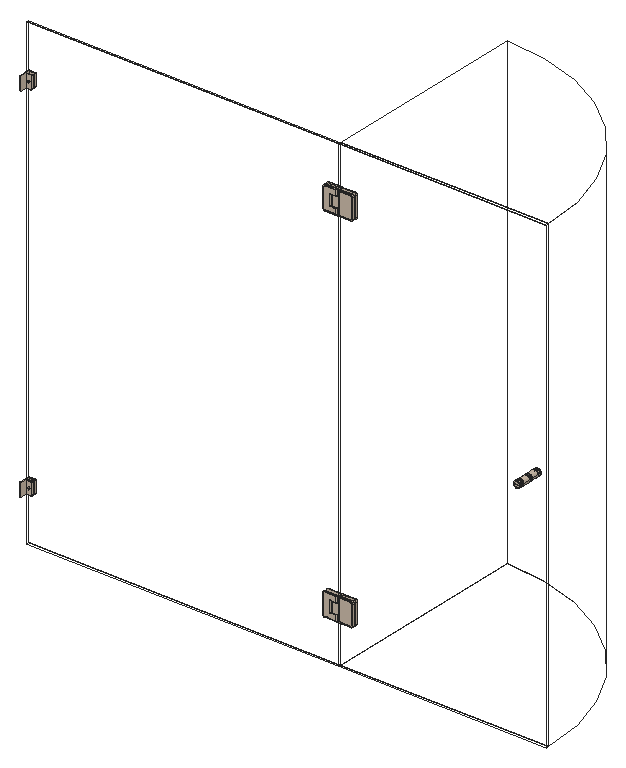
Revit family "Hardware_Glass_Nero", category Specialty Equipment, Revit 2020
Family settings
  Round Connector Dimension = Use Diameter
  Part Type = Normal
  OmniClass Number = 23.31.25.00
  OmniClass Title = Toilet and Bath Specialties
  Work Plane-Based = No
  Always vertical = Yes
  Cut with Voids When Loaded = Yes
  Shared = No
  Room Calculation Point = No
Parameters (values of type "Please Load From Type Catalog")
  Uniclass2015Version = "Products v1.28"  # constant formula
  Uniclass2015Title = "Hinges and hanging hardware"  # constant formula
  Uniclass2015Code = "Pr_30_36_36"  # constant formula
  URL = "Please Load From Type Catalog"
  Type Comments = "Please Load From Type Catalog"
  SquareShowerKnob = no
  RoundShowerKnob = yes
  RequiredSpace [instance] = yes
  PerpendicularWallThickness = 115 mm
  PerpendicularWallLeft = if(and(GlassTopHingeF, GlassToWallHingeU), [90DegWallToGlassHinge], or([90DegWallHinge], [90DegWallToGlassHinge], GlassToWallHingeU, GlassToWallHingeF))  # yes
  PerpendicularGlassLeft = not(PerpendicularWallLeft)  # no
  ModifiedIssue = 20231106
  Model = "Please Load From Type Catalog"
  GrabRail = not(or(RoundShowerKnob, SquareShowerKnob))  # no
  GlassTopHingeF = no
  GlassToWallHingeU = no
  GlassToWallHingeF = yes
  GlassPanel = not([90DegWallToGlassHinge])  # yes
  GapBetweenWallandGlass = if((or(GlassTopHingeF, GlassToWallHingeU, [90DegWallToGlassHinge], GlassToWallHingeF)), 3 mm, 0 mm)  # 3 mm
  Default Elevation = 0 mm
  BodyMaterial = Metal_Bronze_Nero_Brushed
  ManufacturerURLProductSpecific = "http://pleaseloadfromtypecatalog.com"
  ManufacturerSpecCode = Model  # "Please Load From Type Catalog"
  ManufacturerOverallWidth [instance] = if([90DegWallToGlassHinge], 0 mm, 1200 mm)  # 1200 mm
  ManufacturerOverallHeight [instance] = 1800 mm
  ManufacturerOverallDepth [instance] = 10 mm  # constant formula
  ManufacturerHeightFromFFL [instance] = 0 mm
  Manufacturer = "Nero"  # constant formula
  IfcExportType = "NOTDEFINED"  # constant formula
  IfcExportAs = "IfcFurniture"  # constant formula
  Description = "Please Load From Type Catalog"
  CreatedByURL = "https://igsgroup.com.au"
  CreatedBy = "IGS BIM Solutions"  # constant formula
  Assembly Code = "C1030210"
  90DegWallToGlassHinge = no
  90DegWallHinge = no
  180DegWallToGlassHinge = or([90DegWallHinge], GlassToWallHingeU, GlassTopHingeF, GlassToWallHingeF)  # yes
Reference planes
  plane 1 "Ref. Level": z = 0
  plane 2 "Center (Left/Right)": x = 0
  plane 3 "Left": x = -600
  plane 4 "DoorLeft": x = 600
  plane 5 "Back": y = 173.75
  plane 6 "Front": y = 163.75
  plane 7 "Bottom": z = 0
  plane 8 "Top": z = 1800
  plane 9 "Center (Front/Back)": y = 168.75
  plane 10 "DoorRight": x = 1400
  plane 11 "GlassLeft": x = -718
  plane 12 "Wall/GlassRight": x = -603
  plane 13 "WallLeft": x = -718
  plane 14 "BottomHingeCenter": z = 200
  plane 15 "TopHingeCenter": z = 1600
  plane 16 "KnobCenter": z = 900
  plane 17 "DoorCenter": x = 1000
Forms (mm)
  Extrusion 1, solid, material "Glass_Clear_Nero"
    sketch origin (1200, 163.75, 0) x (1, 0, 0) y (0, 0, -1)
      loop
        line (-600, -1800) -> (200, -1800) -> (200, 0) -> (-600, 0) -> (-600, -1800)
    from 0 to 10
  Extrusion 2, solid, material "Glass_Clear_Nero", visible <- "PerpendicularGlassLeft"
    sketch origin (0, 0, 1800) x (0, -1, 0) y (1, 0, 0)
      loop
        line (-173.75, -718) -> (-76.393, -718) -> (-76.393, -603) -> (-173.75, -603) -> (-173.75, -718)
    from -1800 to 0
  Extrusion 3, solid, material "Glass_Clear_Nero", visible <- "GlassPanel"
    sketch origin (0, 163.75, 0) x (1, 0, 0) y (0, 0, -1)
      loop
        line (-600, -1800) -> (600, -1800) -> (600, 0) -> (-600, 0) -> (-600, -1800)
    from 0 to 10
  Extrusion 4, solid, material "RequiredSpace", visible <- "RequiredSpace"
    sketch origin (0, 0, 0) x (0, -1, 0) y (1, 0, 0)
      loop
        line (-173.75, 600) -> (-173.75, 1400)
        arc (-173.75, 1400) -> (-739.435, 1165.685) -> (-973.75, 600) r 800
        line (-973.75, 600) -> (-173.75, 600)
    from 0 to 1800
Lines and regions (mm)
  Masking region 1, visible <- "PerpendicularWallLeft"
    outline origin (0, 0, 1800) x (0, -1, 0) y (1, 0, 0)
      loop
        line (-173.75, -718) -> (-76.393, -718) -> (-76.393, -603) -> (-173.75, -603) -> (-173.75, -718)
  Masking region 2, visible <- "PerpendicularGlassLeft"
    outline origin (0, 0, 1800) x (0, -1, 0) y (1, 0, 0)
      loop
        line (-173.75, -718) -> (-76.393, -718) -> (-76.393, -603) -> (-173.75, -603) -> (-173.75, -718)
  Masking region 3
    outline origin (0, 0, 1800) x (0, -1, 0) y (1, 0, 0)
      loop
        line (-173.75, 600) -> (-163.75, 600) -> (-163.75, 1400) -> (-173.75, 1400) -> (-173.75, 600)
  Masking region 4, visible <- "GlassPanel"
    outline origin (0, 0, 1800) x (0, -1, 0) y (1, 0, 0)
      loop
        line (-163.75, -600) -> (-163.75, 600) -> (-173.75, 600) -> (-173.75, -600) -> (-163.75, -600)
  symbolic lines, style "Required Space", visible <- "RequiredSpace", detail levels medium+fine
    curve 1: line (600, 173.75, 1800) -> (600, 973.75, 1800)
    curve 2: arc (1400, 173.75, 1800) -> (1165.685, 739.435, 1800) -> (600, 973.75, 1800) r 800
Text (mm)
  text "Disclaimer:\nDue to ongoing product development and manufacturing \nevolution, product details are subject to change without \nnotice. Please refer to product technical data sheets on \nthe manufacturers website for the most current product \ninformation. Please allow a +/- 5mm manufacturing \ntolerance for dimensions and set-outs shown in product \nliterature." at (1625.749, 300.092, 0), in view "Ref. Level"
Dimensions and locks
  equal spacing: plane 3 "Left", plane 2 "Center (Left/Right)", plane 4 "DoorLeft"
  "ManufacturerOverallWidth": plane 3 "Left" to plane 4 "DoorLeft"
  "ManufacturerOverallDepth": plane 5 "Back" to plane 6 "Front"
  "ManufacturerOverallHeight": plane 8 "Top" to plane 7 "Bottom"
  "ManufacturerHeightFromFFL": plane 7 "Bottom" to plane 1 "Ref. Level"
  equal spacing: plane 6 "Front", plane 9 "Center (Front/Back)", plane 5 "Back"
  plane 4 "DoorLeft" to plane 10 "DoorRight" = 800 mm
  "PerpendicularWallThickness": plane 11 "GlassLeft" to plane 12 "Wall/GlassRight"
  "GapBetweenWallandGlass": plane 12 "Wall/GlassRight" to plane 3 "Left"
  plane 13 "WallLeft" to plane 12 "Wall/GlassRight" = 115 mm
  plane 12 "Wall/GlassRight" to plane 4 "DoorLeft" = 1203 mm
  locked: nested 10 to plane 10 "DoorRight" at 80
  locked: nested 11 to plane 10 "DoorRight" at 60
  plane 14 "BottomHingeCenter" to plane 7 "Bottom" = 200 mm
  plane 16 "KnobCenter" to plane 7 "Bottom" = 900 mm
  locked: plane 8 "Top" to plane 15 "TopHingeCenter" at 200
  equal spacing: plane 4 "DoorLeft", plane 17 "DoorCenter", plane 10 "DoorRight", locked at 400 each
  aligned and locked: level to plane 1 "Ref. Level"
  aligned and locked: Extrusion 1 to plane 10 "DoorRight"
  aligned and locked: plane 7 "Bottom" to Extrusion 2
  aligned and locked: Extrusion 2 to plane 8 "Top"
  aligned and locked: plane 4 "DoorLeft" to nested 1
  aligned and locked: plane 4 "DoorLeft" to nested 4
  aligned and locked: nested 2 to plane 3 "Left"
  aligned and locked: nested 3 to plane 3 "Left"
  aligned and locked: nested 5 to plane 3 "Left"
  aligned and locked: plane 3 "Left" to nested 9
  aligned and locked: plane 3 "Left" to nested 6
  aligned and locked: Extrusion 1 to plane 5 "Back"
  aligned and locked: Extrusion 1 to plane 6 "Front"
  aligned and locked: plane 7 "Bottom" to Extrusion 3
  aligned and locked: plane 7 "Bottom" to Extrusion 1
  aligned and locked: plane 14 "BottomHingeCenter" to nested 4
  aligned and locked: plane 14 "BottomHingeCenter" to nested 3
  aligned and locked: plane 14 "BottomHingeCenter" to nested 9
  aligned and locked: plane 14 "BottomHingeCenter" to nested 8
  aligned and locked: plane 15 "TopHingeCenter" to nested 2
  aligned and locked: plane 15 "TopHingeCenter" to nested 7
  aligned and locked: plane 15 "TopHingeCenter" to nested 6
  aligned and locked: plane 15 "TopHingeCenter" to nested 1
  aligned and locked: nested 11 to plane 16 "KnobCenter"
  aligned and locked: plane 16 "KnobCenter" to nested 10
  aligned and locked: plane 8 "Top" to nested 5
  aligned and locked: Masking region 3 sketch curve to plane 4 "DoorLeft"
  aligned and locked: plane 5 "Back" to Masking region 3 sketch curve
  aligned and locked: Masking region 3 sketch curve to plane 6 "Front"
  aligned and locked: Masking region 3 sketch curve to plane 10 "DoorRight"
  aligned and locked: Masking region 4 sketch curve to Extrusion 3  (x4)
  aligned and locked: nested 7 to plane 9 "Center (Front/Back)"
  aligned and locked: nested 8 to plane 9 "Center (Front/Back)"
  aligned and locked: plane 12 "Wall/GlassRight" to nested 7
  aligned and locked: plane 12 "Wall/GlassRight" to nested 8
  aligned and locked: plane 14 "BottomHingeCenter" to nested 12
  aligned and locked: plane 15 "TopHingeCenter" to nested 13
  aligned and locked: plane 3 "Left" to nested 13
  aligned and locked: plane 9 "Center (Front/Back)" to nested 12
  aligned and locked: plane 3 "Left" to nested 12
  aligned and locked: plane 13 "WallLeft" to plane 11 "GlassLeft"
  aligned and locked: plane 13 "WallLeft" to Masking region 2 sketch curve
  aligned and locked: nested 14 to plane 17 "DoorCenter"
  aligned and locked: plane 16 "KnobCenter" to nested 14
  aligned and locked: Extrusion 4 to plane 8 "Top"
  aligned and locked: curve 1 to Extrusion 4
  aligned and locked: curve 2 to Extrusion 4
Automatic sketch dimensions
  Extrusion 1 sketch curve to level = 0 mm
  plane 4 "DoorLeft" to Extrusion 1 sketch curve = 0 mm
  plane 10 "DoorRight" to Extrusion 1 sketch curve = 0 mm
  Extrusion 1 sketch curve to plane 8 "Top" = 0 mm
  plane 5 "Back" to Extrusion 2 sketch curve = 0 mm
  Extrusion 2 sketch curve to plane 11 "GlassLeft" = 0 mm
  Extrusion 2 sketch curve to plane 12 "Wall/GlassRight" = 0 mm
  Extrusion 2 sketch curve to plane 6 "Front" = 87.357 mm
  Extrusion 3 sketch curve to level = 0 mm
  plane 2 "Center (Left/Right)" to Extrusion 3 sketch curve = 600 mm
  Extrusion 3 sketch curve to plane 8 "Top" = 0 mm
  Extrusion 3 sketch curve to plane 10 "DoorRight" = 800 mm
  plane 5 "Back" to Masking region 1 sketch curve = 0 mm
  Masking region 1 sketch curve to plane 13 "WallLeft" = 0 mm
  Masking region 1 sketch curve to plane 12 "Wall/GlassRight" = 0 mm
  Masking region 1 sketch curve to plane 6 "Front" = 87.357 mm
  plane 5 "Back" to Masking region 2 sketch curve = 0 mm
  Masking region 2 sketch curve to plane 12 "Wall/GlassRight" = 0 mm
  Masking region 2 sketch curve to plane 6 "Front" = 87.357 mm
  Extrusion 4 sketch curve to plane 4 "DoorLeft" = 0 mm
  plane 5 "Back" to Extrusion 4 sketch curve = 0 mm
  Extrusion 4 sketch curve to plane 10 "DoorRight" = 0 mm
  curve 1 to plane 4 "DoorLeft" = 0 mm
  plane 5 "Back" to curve 2 = 0 mm
  plane 5 "Back" to curve 1 = 0 mm
  curve 2 to plane 10 "DoorRight" = 0 mm
Nested families
  nested 1: "Hinge_Wall_Nero_10mmGlass_Shower_180Deg" at (391.75, 199.75, 620) x (0, -1, 0) z (0, 0, 1), visible <- "180DegWallToGlassHinge", BodyMaterial <- "BodyMaterial", type "Brushed Bronze (NRSH102BZ)"
    with ManufacturerHeightFromFFL 980 mm, BodyMaterial Metal_Bronze_Nero_Brushed
  nested 2: "Bracket_Wall_Nero_10mmGlass_90Deg" at (-576, 27, 640), visible <- "90DegWallHinge", BodyMaterial <- "BodyMaterial", type "Brushed Bronze (NRSH204BZ)"
    with ManufacturerHeightFromFFL 960 mm, BodyMaterial Metal_Bronze_Nero_Brushed
  nested 3: "Bracket_Wall_Nero_10mmGlass_90Deg" at (-576, 27, -660), visible <- "90DegWallHinge", BodyMaterial <- "BodyMaterial", type "Brushed Bronze (NRSH204BZ)"
    with ManufacturerHeightFromFFL 860 mm, BodyMaterial Metal_Bronze_Nero_Brushed
  nested 4: "Hinge_Wall_Nero_10mmGlass_Shower_180Deg" at (391.75, 199.75, -680) x (0, -1, 0) z (0, 0, 1), visible <- "180DegWallToGlassHinge", BodyMaterial <- "BodyMaterial", type "Brushed Bronze (NRSH102BZ)"
    with ManufacturerHeightFromFFL 880 mm, BodyMaterial Metal_Bronze_Nero_Brushed
  nested 5: "Hinge_Glass_Nero_10mmGlass_OverPanel" at (-599.5, 7, -22), visible <- "GlassTopHingeF", BodyMaterial <- "BodyMaterial", type "Brushed Bronze (NRSH201BZ)"
    with ManufacturerHeightFromFFL 1800 mm, BodyMaterial Metal_Bronze_Nero_Brushed
  nested 6: "Bracket_Wall_Nero_10mmGlass_Shower_U" at (-450.25, 158.75, 540) x (0, 1, 0) z (0, 0, 1), visible <- "GlassToWallHingeU", BodyMaterial <- "BodyMaterial", type "Brushed Bronze (NRSH203BZ)"
    with ManufacturerHeightFromFFL 1060 mm, BodyMaterial Metal_Bronze_Nero_Brushed
  nested 7: "Hinge_Wall_Nero_10mmGlass_Shower_90Deg" at (-389.25, 126.75, 665) x (0, 1, 0) z (0, 0, 1), visible <- "90DegWallToGlassHinge", BodyMaterial <- "BodyMaterial", type "Brushed Bronze (NRSH101BZ)"
    with ManufacturerHeightFromFFL 935 mm, BodyMaterial Metal_Bronze_Nero_Brushed
  nested 8: "Hinge_Wall_Nero_10mmGlass_Shower_90Deg" at (-389.25, 126.75, -680) x (0, 1, 0) z (0, 0, 1), visible <- "90DegWallToGlassHinge", BodyMaterial <- "BodyMaterial", type "Brushed Bronze (NRSH101BZ)"
    with ManufacturerHeightFromFFL 880 mm, BodyMaterial Metal_Bronze_Nero_Brushed
  nested 9: "Bracket_Wall_Nero_10mmGlass_Shower_U" at (-450.25, 158.75, -660) x (0, 1, 0) z (0, 0, 1), visible <- "GlassToWallHingeU", BodyMaterial <- "BodyMaterial", type "Brushed Bronze (NRSH203BZ)"
    with ManufacturerHeightFromFFL 860 mm, BodyMaterial Metal_Bronze_Nero_Brushed
  nested 10: "Knob_Shower_Nero" at (1320, 43.9, 0), visible <- "RoundShowerKnob", BodyMaterial <- "BodyMaterial", type "Brushed Bronze (NRSH301BZ)"
    with ManufacturerHeightFromFFL 900 mm, BodyMaterial Metal_Bronze_Nero_Brushed
  nested 11: "Knob_Shower_Nero_SquareHandle" at (1321, 43.9, 0) x (-1, 0, 0) z (0, 0, 1), visible <- "SquareShowerKnob", BodyMaterial <- "BodyMaterial", type "Brushed Gold (NRSH302BG)"
    with ManufacturerHeightFromFFL 900 mm, BodyMaterial Metal_Bronze_Nero_Brushed
  nested 12: "Bracket_Wall_Nero_10mmGlass_Shower_F" at (-603, 5.5, 0), visible <- "GlassToWallHingeF", BodyMaterial <- "BodyMaterial", type "Brushed Bronze (NRSH202BZ)"
    with ManufacturerHeightFromFFL 200 mm, BodyMaterial Metal_Bronze_Nero_Brushed
  nested 13: "Bracket_Wall_Nero_10mmGlass_Shower_F" at (-603, 5.5, 1200), visible <- "GlassToWallHingeF", BodyMaterial <- "BodyMaterial", type "Brushed Bronze (NRSH202BZ)"
    with ManufacturerHeightFromFFL 400 mm, BodyMaterial Metal_Bronze_Nero_Brushed
  nested 14: "TowelBar_SurfaceMount_Nero_500mm" at (1179.902, -50, 0), BodyMaterial <- "BodyMaterial", visible <- "GrabRail", type "Brushed Gold (NRSH303BG)"
    with ManufacturerHeightFromFFL 900 mm, BodyMaterial Metal_Bronze_Nero_Brushed
Definition of nested family "Hinge_Wall_Nero_10mmGlass_Shower_180Deg"
  Parameters (values of type "Brushed Gold (NRSH102aBG)")
    Uniclass2015Version = "Products v1.28"
    Uniclass2015Title = "Hinges and hanging hardware"
    Uniclass2015Code = "Pr_30_36_36"
    URL = "https://nerotapware.com.au/"
    Type Comments = "Hinge - Wall - Shower - 180Deg - Brushed Gold"
    ModifiedIssue = 20240430
    Model = ManufacturerSpecCode  # "NRSH102aBG"
    Default Elevation = 0 mm
    BodyMaterial [instance] = none
    ManufacturerURLProductSpecific = "https://nerotapware.com.au/product/180-degree-glass-to-glass-shower-hinge-10mm-glass-brushed-gold-nrsh102abg/"
    ManufacturerSpecCode = "NRSH102aBG"
    ManufacturerOverallWidth = 22 mm  # constant formula
    ManufacturerOverallHeight = 90 mm  # constant formula
    ManufacturerOverallDepth = 115 mm  # constant formula
    ManufacturerHeightFromFFL [instance] = 900 mm
    Manufacturer = "Nero"
    IfcExportType = "NOTDEFINED"
    IfcExportAs = "IfcFurniture"
    Description = "180 Degree Glass To Glass Shower\r\n180 Degree Glass To Glass Shower Hinge 10Mm Glass  Chrome"
    CreatedByURL = "https://igsgroup.com.au"
    CreatedBy = "IGS BIM Solutions"  # constant formula
    Assembly Code = "C1030210"
  Types (9, lengths in mm): name | Type Comments | Model | ManufacturerURLProductSpecific | ManufacturerSpecCode | Description
    Gun Metal (NRSH102GM) | "Hinge - Wall - Shower - 180Deg - Gun Metal" | "NRSH102GM" | "https://nerotapware.com.au/product/180-degree-glass-to-glass-shower-hinge-10mm-glass-gm-nrsh102gm/" | "NRSH102GM" | "182 Degree Glass to Glass Shower\r\nHinge 10mm Glass"
    Brushed Bronze (NRSH102BZ) | "Hinge - Wall - Shower - 180Deg - Brushed Bronze" | "NRSH102BZ" | "https://nerotapware.com.au/product/180-degree-glass-to-glass-shower-hinge-10mm-glass-bz-nrsh102bz/" | "NRSH102BZ" | "181 Degree Glass to Glass Shower\r\nHinge 10mm Glass"
    Brushed Gold (NRSH102BG) | "Hinge - Wall - Shower - 180Deg - Brushed Gold" | "NRSH102BG" | "https://nerotapware.com.au/product/180-degree-glass-to-glass-shower-hinge-10mm-glass-bg-nrsh102bg/" | "NRSH102BG" | "180 Degree Glass to Glass Shower\r\nHinge 10mm Glass"
    Chrome (NRSH102aCH) | "Hinge - Wall - Shower - 180Deg - Chrome" | "NRSH102aCH" | "https://nerotapware.com.au/product/180-degree-glass-to-glass-shower-hinge-10mm-glass-chrome-nrsh102ach/" | "NRSH102aCH" | "180 Degree Glass To Glass Shower\r\n180 Degree Glass To Glass Shower Hinge 10Mm Glass  Chrome"
    Brushed Gold (NRSH102aBG) | "Hinge - Wall - Shower - 180Deg - Brushed Gold" | "NRSH102aBG" | "https://nerotapware.com.au/product/180-degree-glass-to-glass-shower-hinge-10mm-glass-brushed-gold-nrsh102abg/" | "NRSH102aBG" | "180 Degree Glass To Glass Shower\r\n180 Degree Glass To Glass Shower Hinge 10Mm Glass  Chrome"
    Brushed Bronze (NRSH102aBZ) | "Hinge - Wall - Shower - 180Deg - Brushed Bronze" | "NRSH102aBZ" | "https://nerotapware.com.au/product/180-degree-glass-to-glass-shower-hinge-10mm-glass-brushed-bronze-nrsh102abz/" | "NRSH102aBZ" | "180 Degree Glass To Glass Shower\r\n180 Degree Glass To Glass Shower Hinge 10Mm Glass  Chrome"
    Gun Metal (NRSH102aGM) | "Hinge - Wall - Shower - 180Deg - Gun Metal" | "NRSH102aGM" | "https://nerotapware.com.au/product/180-degree-glass-to-glass-shower-hinge-10mm-glass-gun-metal-nrsh102agm/" | "NRSH102aGM" | "180 Degree Glass To Glass Shower\r\n180 Degree Glass To Glass Shower Hinge 10Mm Glass  Chrome"
    Brushed Nickel (NRSH102aBN) | "Hinge - Wall - Shower - 180Deg - Brushed Nickel" | "NRSH102aBN" | "https://nerotapware.com.au/product/180-degree-glass-to-glass-shower-hinge-10mm-glass-brushed-nickel-nrsh102abn/" | "NRSH102aBN" | "180 Degree Glass To Glass Shower\r\n180 Degree Glass To Glass Shower Hinge 10Mm Glass  Chrome"
    Matte Black (NRSH102aMB) | "Hinge - Wall - Shower - 180Deg - Brushed Nickel" | "NRSH102aMB" | "https://nerotapware.com.au/product/180-degree-glass-to-glass-shower-hinge-10mm-glass-matte-black-nrsh102amb/" | "NRSH102aMB" | "180 Degree Glass To Glass Shower\r\n180 Degree Glass To Glass Shower Hinge 10Mm Glass  Chrome"
  Reference planes
    plane 1 "Ref. Level": z = 0
    plane 2 "Center (Left/Right)": x = 31
    plane 3 "Front": y = 150.75
    plane 4 "Back": y = 265.75
    plane 5 "Right": x = 42
    plane 6 "Left": x = 20
    plane 7 "Top": z = 945
    plane 8 "Bottom": z = 855
    plane 9 "Center (Front/Back)": y = 208.25
    plane 10 "Center (Elevation)": z = 900
  Forms (mm)
    Sweep 1, solid, material <- "BodyMaterial"
      path origin (20, 0, 942) x (0, 0, -1) y (0, -1, 0)
        loop
          line (20, -202.25) -> (0.5, -202.25) -> (0.5, -158.25)
          arc (0.5, -158.25) -> (1.672, -155.422) -> (4.5, -154.25) r 4
          line (4.5, -154.25) -> (79.5, -154.25)
          arc (79.5, -154.25) -> (82.328, -155.422) -> (83.5, -158.25) r 4
          line (83.5, -158.25) -> (83.5, -202.25) -> (64, -202.25)
      profile origin (20, 202.25, 931.75) x (0, 1, 0) y (-1, 0, 0)
        loop
          line (0, -22) -> (3.5, -20) -> (3.5, -17) -> (-1, -17) -> (-1, -22) -> (0, -22)
        loop
          line (0, 0) -> (0, -5) -> (3.5, -5) -> (3.5, -2) -> (0, 0)
    Extrusion 2, solid, material <- "BodyMaterial"
      sketch origin (0, 0, 855) x (0, -1, 0) y (1, 0, 0)
        loop
          line (-210.75, 24) -> (-185.749, 24)
          arc (-185.749, 24) -> (-178.249, 31.5) -> (-185.749, 39) r 7.5
          line (-185.749, 39) -> (-210.75, 39) -> (-210.75, 24)
        loop
          circle (-185.749, 31.5) r 6
      from 24 to 66
    Sweep 3, solid, material <- "BodyMaterial"
      path origin (20, 416.5, 942) x (0, 0, -1) y (0, -1, 0)
        loop
          line (83.5, 202.25) -> (0.5, 202.25) -> (0.5, 158.25)
          arc (0.5, 158.25) -> (1.672, 155.422) -> (4.5, 154.25) r 4
          line (4.5, 154.25) -> (79.5, 154.25)
          arc (79.5, 154.25) -> (82.328, 155.422) -> (83.5, 158.25) r 4
          line (83.5, 158.25) -> (83.5, 202.25)
      profile origin (20, 214.25, 900) x (0, 1, 0) y (-1, 0, 0)
        loop
          line (0, -22) -> (1, -22) -> (1, -17) -> (-3.5, -17) -> (-3.5, -20) -> (0, -22)
        loop
          line (0, 0) -> (-3.5, -2) -> (-3.5, -5) -> (0, -5) -> (0, 0)
    Extrusion 4, solid, material <- "BodyMaterial"
      sketch origin (20, 416.5, 942) x (0, 0, -1) y (0, 1, 0)
        loop
          line (79.5, -154.25) -> (4.5, -154.25)
          arc (4.5, -154.25) -> (1.672, -155.422) -> (0.5, -158.25) r 4
          line (0.5, -158.25) -> (0.5, -202.25) -> (83.5, -202.25) -> (83.5, -158.25)
          arc (83.5, -158.25) -> (82.328, -155.422) -> (79.5, -154.25) r 4
      from 16 to 22
    Extrusion 5, solid, material <- "BodyMaterial"
      sketch origin (20, 416.5, 942) x (0, 0, -1) y (0, 1, 0)
        loop
          line (79.5, -154.25) -> (4.5, -154.25)
          arc (4.5, -154.25) -> (1.672, -155.422) -> (0.5, -158.25) r 4
          line (0.5, -158.25) -> (0.5, -202.25) -> (83.5, -202.25) -> (83.5, -158.25)
          arc (83.5, -158.25) -> (82.328, -155.422) -> (79.5, -154.25) r 4
      from 0 to 5
    Extrusion 6, solid, material <- "BodyMaterial"
      sketch origin (20, 0, 942) x (0, 0, -1) y (0, 1, 0)
        loop
          arc (79.5, 154.25) -> (82.328, 155.422) -> (83.5, 158.25) r 4
          line (83.5, 158.25) -> (83.5, 202.25) -> (0.5, 202.25) -> (0.5, 158.25)
          arc (0.5, 158.25) -> (1.672, 155.422) -> (4.5, 154.25) r 4
          line (4.5, 154.25) -> (79.5, 154.25)
      from 16 to 22
    Extrusion 7, solid, material <- "BodyMaterial"
      sketch origin (20, 0, 942) x (0, 0, -1) y (0, 1, 0)
        loop
          arc (79.5, 154.25) -> (82.328, 155.422) -> (83.5, 158.25) r 4
          line (83.5, 158.25) -> (83.5, 202.25) -> (0.5, 202.25) -> (0.5, 158.25)
          arc (0.5, 158.25) -> (1.672, 155.422) -> (4.5, 154.25) r 4
          line (4.5, 154.25) -> (79.5, 154.25)
      from 0 to 5
    Extrusion 8, solid, material <- "BodyMaterial"
      sketch origin (31, 0, 0) x (0, 1, 0) y (0, 0, 1)
        loop
          arc (167.75, 927) -> (166.336, 926.414) -> (165.75, 925) r 2
          line (165.75, 925) -> (165.75, 875)
          arc (165.75, 875) -> (166.336, 873.586) -> (167.75, 873) r 2
          line (167.75, 873) -> (205.75, 873) -> (205.75, 878) -> (176.75, 878) -> (176.75, 922) -> (205.75, 922) -> (205.75, 927) -> (167.75, 927)
        loop
          line (210.75, 873) -> (248.75, 873)
          arc (248.75, 873) -> (250.164, 873.586) -> (250.75, 875) r 2
          line (250.75, 875) -> (250.75, 925)
          arc (250.75, 925) -> (250.164, 926.414) -> (248.75, 927) r 2
          line (248.75, 927) -> (210.75, 927) -> (210.75, 873)
      from -6 to 4
    Extrusion 9, void
      sketch origin (42, 158.75, 4000) x (0, -1, 0) y (0, 0, -1)
        loop
          line (-47, 3079) -> (-19.499, 3079) -> (-19.499, 3121) -> (-47, 3121) -> (-47, 3079)
      from 10.763 to -25.505
  Cuts and joins
    Extrusion 9 cuts Extrusion 6
    Extrusion 9 cuts Extrusion 7
    joined: Sweep 1, Extrusion 6, Extrusion 7
    joined: Sweep 3, Extrusion 4, Extrusion 5
  Lines and regions (mm)
    Masking region 1
      outline origin (0, 0, 945) x (0, -1, 0) y (1, 0, 0)
        loop
          line (-265.75, 22) -> (-262.25, 20) -> (-214.25, 20) -> (-210.75, 22) -> (-210.75, 24) -> (-205.75, 24) -> (-205.75, 22) -> (-202.25, 20) -> (-154.25, 20) -> (-150.75, 22) -> (-150.75, 25) -> (-165.75, 25) -> (-165.75, 35) -> (-179.116, 35)
          arc (-179.116, 35) -> (-179.412, 35.513) -> (-179.749, 36) r 7.5
          line (-179.749, 36) -> (-154.25, 36) -> (-154.25, 37) -> (-150.75, 37) -> (-150.75, 40) -> (-154.25, 42) -> (-202.25, 42) -> (-205.75, 40) -> (-205.75, 39) -> (-210.75, 39) -> (-210.75, 40) -> (-214.25, 42) -> (-262.25, 42) -> (-265.75, 40) -> (-265.75, 37) -> (-262.25, 37) -> (-262.25, 36) -> (-214.25, 36) -> (-214.25, 37) -> (-210.75, 37) -> (-210.75, 35) -> (-250.75, 35) -> (-250.75, 25) -> (-265.75, 25) -> (-265.75, 22)
        loop
          line (-190.622, 35) -> (-180.875, 35)
          arc (-180.875, 35) -> (-181.3, 35.526) -> (-181.78, 36) r 6
          line (-181.78, 36) -> (-189.717, 36)
          arc (-189.717, 36) -> (-190.198, 35.526) -> (-190.622, 35) r 6
    symbolic lines, detail levels medium+fine
      curve 1: line (22, 265.75, 945) -> (22, 210.75, 945)
      curve 2: line (22, 205.75, 945) -> (22, 150.75, 945)
      curve 3: line (40, 150.75, 945) -> (40, 205.75, 945)
      curve 4: line (40, 210.75, 945) -> (40, 265.75, 945)
      curve 5: line (37, 262.25, 945) -> (37, 214.25, 945)
      curve 6: line (37, 202.25, 945) -> (37, 154.25, 945)
      curve 7: line (25, 250.75, 945) -> (25, 210.75, 945)
      curve 8: line (25, 210.75, 945) -> (35, 210.75, 945)
      curve 9: line (37, 210.75, 945) -> (39, 210.75, 945)
      curve 10: line (24, 205.75, 945) -> (35, 205.75, 945)
      curve 11: line (35, 205.75, 945) -> (35, 190.622, 945)
      curve 12: line (25, 205.75, 945) -> (25, 165.75, 945)
      curve 13: line (37, 202.25, 945) -> (36, 202.25, 945)
      curve 14: line (36, 202.25, 945) -> (36, 189.717, 945)
      curve 15: line (37, 202.25, 945) -> (37, 205.75, 945)
      curve 16: line (37, 205.75, 945) -> (39, 205.75, 945)
      curve 17: line (35, 180.875, 945) -> (35, 179.116, 945)
      curve 18: line (36, 181.78, 945) -> (36, 179.749, 945)
      curve 19: line (24, 210.75, 945) -> (25, 210.75, 945)
  Text (mm)
    text "Disclaimer:\nDue to ongoing product development and manufacturing \nevolution, product details are subject to change without \nnotice. Please refer to product technical data sheets on \nthe manufacturers website for the most current product \ninformation. Please allow a +/- 5mm manufacturing \ntolerance for dimensions and set-outs shown in product \nliterature." at (325.741, 347.145, 0), in view "Ref. Level"
  Dimensions and locks
    "ManufacturerOverallDepth": plane 4 "Back" to plane 3 "Front"
    "ManufacturerOverallWidth": plane 6 "Left" to plane 5 "Right"
    "ManufacturerOverallHeight": plane 7 "Top" to plane 8 "Bottom"
    "ManufacturerHeightFromFFL": plane 10 "Center (Elevation)" to plane 1 "Ref. Level"
    equal spacing: plane 3 "Front", plane 9 "Center (Front/Back)", plane 4 "Back"
    equal spacing: plane 6 "Left", plane 2 "Center (Left/Right)", plane 5 "Right"
    equal spacing: plane 7 "Top", plane 10 "Center (Elevation)", plane 8 "Bottom"
    aligned and locked: level to plane 1 "Ref. Level"
  Automatic sketch dimensions
    profile plane to Sweep 1 sketch curve = 0 mm  (x2)
    Sweep 1 sketch curve to profile plane = 0 mm
    profile plane to Sweep 1 sketch curve = 1 mm
    Sweep 1 sketch curve to profile plane = 3.5 mm  (x2)
    Sweep 1 sketch curve to profile plane = 2 mm
    Sweep 1 sketch curve to Sweep 1 sketch curve = 3 mm  (x2)
    Sweep 1 sketch curve to Sweep 1 sketch curve = 12 mm
    Sweep 1 sketch curve to Sweep 1 sketch curve = 2 mm
    plane 4 "Back" to Sweep 3 sketch curve = 3.5 mm
    Sweep 3 sketch curve to Sweep 3 sketch curve = 4 mm  (x2)
    Sweep 3 sketch curve to Sweep 3 sketch curve = 44 mm
    profile plane to Sweep 3 sketch curve = 0 mm  (x2)
    Sweep 3 sketch curve to profile plane = 0 mm
    profile plane to Sweep 3 sketch curve = 3.5 mm  (x2)
    Sweep 3 sketch curve to profile plane = 1 mm
    Sweep 3 sketch curve to profile plane = 2 mm
    Sweep 3 sketch curve to Sweep 3 sketch curve = 3 mm  (x2)
    Sweep 3 sketch curve to Sweep 3 sketch curve = 12 mm
    Sweep 3 sketch curve to Sweep 3 sketch curve = 2 mm
    plane 4 "Back" to Extrusion 4 sketch curve = 7.5 mm  (x2)
    plane 4 "Back" to Extrusion 4 sketch curve = 3.5 mm
    Extrusion 4 sketch curve to Extrusion 4 sketch curve = 44 mm
    plane 4 "Back" to Extrusion 5 sketch curve = 7.5 mm  (x2)
    plane 4 "Back" to Extrusion 5 sketch curve = 3.5 mm
    Extrusion 5 sketch curve to Extrusion 5 sketch curve = 44 mm
    plane 3 "Front" to Extrusion 6 sketch curve = 7.5 mm  (x2)
    plane 3 "Front" to Extrusion 6 sketch curve = 3.5 mm
    Extrusion 6 sketch curve to Extrusion 6 sketch curve = 44 mm
    plane 3 "Front" to Extrusion 7 sketch curve = 7.5 mm  (x2)
    plane 3 "Front" to Extrusion 7 sketch curve = 3.5 mm
    Extrusion 7 sketch curve to Extrusion 7 sketch curve = 44 mm
    plane 3 "Front" to Sweep 1 sketch curve = 3.5 mm
    Sweep 1 sketch curve to Sweep 1 sketch curve = 4 mm
    plane 3 "Front" to Sweep 1 sketch curve = 7.5 mm
    Sweep 1 sketch curve to Sweep 1 sketch curve = 44 mm  (x2)
    plane 3 "Front" to Extrusion 8 sketch curve = 15 mm
    Extrusion 8 sketch curve to Extrusion 8 sketch curve = 2 mm  (x3)
    Extrusion 8 sketch curve to Extrusion 8 sketch curve = 9 mm
    Extrusion 8 sketch curve to Extrusion 8 sketch curve = 29 mm  (x2)
    Extrusion 8 sketch curve to Extrusion 8 sketch curve = 5 mm
    plane 4 "Back" to Extrusion 8 sketch curve = 17 mm  (x2)
    Extrusion 8 sketch curve to Extrusion 8 sketch curve = 3 mm  (x2)
    Extrusion 8 sketch curve to Extrusion 8 sketch curve = 0 mm
    Sweep 1 sketch curve to Sweep 1 sketch curve = 19.5 mm  (x2)
    plane 7 "Top" to Sweep 1 sketch curve = 3.5 mm
    Sweep 1 sketch curve to plane 8 "Bottom" = 7.5 mm
    plane 7 "Top" to Sweep 3 sketch curve = 3.5 mm
    Sweep 3 sketch curve to plane 8 "Bottom" = 7.5 mm
    plane 7 "Top" to Extrusion 4 sketch curve = 3.5 mm
    Extrusion 4 sketch curve to plane 8 "Bottom" = 7.5 mm
    plane 7 "Top" to Extrusion 5 sketch curve = 3.5 mm
    Extrusion 5 sketch curve to plane 8 "Bottom" = 7.5 mm
    plane 7 "Top" to Extrusion 6 sketch curve = 3.5 mm
    Extrusion 6 sketch curve to plane 8 "Bottom" = 7.5 mm
    plane 7 "Top" to Extrusion 7 sketch curve = 3.5 mm
    Extrusion 7 sketch curve to plane 8 "Bottom" = 7.5 mm
    Extrusion 8 sketch curve to plane 8 "Bottom" = 18 mm
    plane 7 "Top" to Extrusion 8 sketch curve = 23 mm
    plane 7 "Top" to Extrusion 8 sketch curve = 20 mm
    Extrusion 2 sketch curve to Extrusion 2 sketch curve = 0 mm  (x2)
    Extrusion 2 sketch curve to plane 6 "Left" = 4 mm
    plane 4 "Back" to Extrusion 2 sketch curve = 55 mm
    Extrusion 2 sketch curve to plane 5 "Right" = 3 mm
    Extrusion 2 sketch curve to Extrusion 2 sketch curve = 25.001 mm
    Masking region 1 sketch curve to Masking region 1 sketch curve = 0 mm  (x7)
    plane 4 "Back" to Masking region 1 sketch curve = 0 mm  (x2)
    Masking region 1 sketch curve to plane 5 "Right" = 0 mm  (x2)
    Masking region 1 sketch curve to plane 6 "Left" = 0 mm  (x2)
    Masking region 1 sketch curve to plane 3 "Front" = 0 mm  (x2)
    plane 4 "Back" to Masking region 1 sketch curve = 3.5 mm  (x2)
    Masking region 1 sketch curve to Masking region 1 sketch curve = 3.5 mm  (x6)
    plane 2 "Center (Left/Right)" to Masking region 1 sketch curve = 4 mm  (x3)
    Masking region 1 sketch curve to Masking region 1 sketch curve = 11.5 mm
    Masking region 1 sketch curve to Masking region 1 sketch curve = 36.5 mm
    Masking region 1 sketch curve to plane 5 "Right" = 2 mm  (x3)
    Masking region 1 sketch curve to Masking region 1 sketch curve = 5 mm  (x2)
    Masking region 1 sketch curve to Masking region 1 sketch curve = 11.628 mm
    Masking region 1 sketch curve to Masking region 1 sketch curve = 0.905 mm
    plane 2 "Center (Left/Right)" to Masking region 1 sketch curve = 0.5 mm
    Masking region 1 sketch curve to Masking region 1 sketch curve = 4.873 mm
    Masking region 1 sketch curve to Masking region 1 sketch curve = 3.969 mm
    Masking region 1 sketch curve to Masking region 1 sketch curve = 1.127 mm
    Masking region 1 sketch curve to Masking region 1 sketch curve = 0.633 mm
    Masking region 1 sketch curve to Masking region 1 sketch curve = 13.366 mm
    plane 3 "Front" to Masking region 1 sketch curve = 3.5 mm  (x2)
    Masking region 1 sketch curve to plane 6 "Left" = 2 mm  (x4)
    Masking region 1 sketch curve to Masking region 1 sketch curve = 2 mm
    Masking region 1 sketch curve to plane 6 "Left" = 5 mm
    Masking region 1 sketch curve to Masking region 1 sketch curve = 3 mm
    Masking region 1 sketch curve to Masking region 1 sketch curve = 1 mm  (x5)
    Masking region 1 sketch curve to plane 5 "Right" = 3 mm
    plane 4 "Back" to curve 4 = 0 mm
    plane 4 "Back" to curve 1 = 0 mm
    curve 3 to plane 3 "Front" = 0 mm
    curve 2 to plane 3 "Front" = 0 mm
    curve 8 to plane 9 "Center (Front/Back)" = 2.5 mm
    plane 9 "Center (Front/Back)" to curve 10 = 2.5 mm
    curve 10 to curve 16 = 0 mm
    curve 15 to curve 6 = 3.5 mm
    curve 8 to plane 6 "Left" = 5 mm
    plane 2 "Center (Left/Right)" to curve 10 = 4 mm
    curve 10 to curve 14 = 1 mm
    curve 10 to curve 16 = 2 mm
    plane 4 "Back" to curve 5 = 3.5 mm
    plane 4 "Back" to curve 7 = 15 mm
    curve 5 to curve 8 = 3.5 mm
    curve 1 to curve 19 = 0 mm
    curve 8 to curve 9 = 0 mm
    curve 9 to curve 4 = 0 mm
    curve 16 to curve 3 = 0 mm
    curve 2 to curve 10 = 0 mm
    curve 13 to curve 11 = 11.628 mm
    curve 11 to curve 14 = 0.905 mm
    curve 14 to curve 18 = 7.937 mm
    curve 18 to curve 17 = 0.905 mm
    curve 17 to curve 18 = 1.127 mm
    curve 18 to curve 17 = 0.633 mm
    curve 12 to plane 6 "Left" = 5 mm
    plane 3 "Front" to curve 12 = 15 mm
    plane 3 "Front" to curve 6 = 3.5 mm
    curve 10 to curve 12 = 1 mm
    curve 19 to curve 7 = 1 mm
    curve 1 to plane 6 "Left" = 2 mm
    curve 2 to plane 6 "Left" = 2 mm
    plane 2 "Center (Left/Right)" to curve 17 = 4 mm
    plane 2 "Center (Left/Right)" to curve 8 = 4 mm
    curve 17 to curve 18 = 1 mm
    curve 8 to curve 5 = 2 mm
    curve 8 to curve 9 = 2 mm
    curve 15 to curve 16 = 2 mm
    curve 9 to curve 9 = 2 mm
    curve 9 to curve 4 = 1 mm
    curve 3 to plane 5 "Right" = 2 mm
    plane 8 "Bottom" to Extrusion 9 sketch curve = 24 mm
    Extrusion 9 sketch curve to plane 9 "Center (Front/Back)" = 2.5 mm
    Extrusion 9 sketch curve to plane 3 "Front" = 27.499 mm
    Extrusion 9 sketch curve to plane 7 "Top" = 24 mm
    radius of Extrusion 2 sketch curve = 6 mm
Definition of nested family "Bracket_Wall_Nero_10mmGlass_90Deg"
  Parameters (values of type "Chrome (NRSH204aCH)")
    Uniclass2015Version = "Products v1.28"
    Uniclass2015Title = "Hinges and hanging hardware"
    Uniclass2015Code = "Pr_30_36_36"
    URL = "https://nerotapware.com.au/"
    Type Comments = "Bracket - Wall - 90Deg - Chrome"
    ModifiedIssue = 20240430  # constant formula
    Model = ManufacturerSpecCode  # "NRSH204aCH"
    Default Elevation = 0 mm
    BodyMaterial [instance] = none
    ManufacturerURLProductSpecific = "https://nerotapware.com.au/product/90-degree-glass-to-wall-bracket-10mm-glass-chrome-nrsh204ach/"
    ManufacturerSpecCode = "NRSH204aCH"
    ManufacturerOverallWidth = 50 mm  # constant formula
    ManufacturerOverallHeight = 50 mm  # constant formula
    ManufacturerOverallDepth = 65.5 mm  # constant formula
    ManufacturerHeightFromFFL [instance] = 900 mm
    Manufacturer = "Nero"
    IfcExportType = "NOTDEFINED"
    IfcExportAs = "IfcFurniture"
    Description = "90 Degree Glass to Wall Bracket 10mm Glass"
    CreatedByURL = "https://igsgroup.com.au"
    CreatedBy = "IGS BIM Solutions"  # constant formula
    Assembly Code = "C1030210"
  Types (9, lengths in mm): name | Type Comments | Model | ManufacturerURLProductSpecific | ManufacturerSpecCode | Description
    Gun Metal (NRSH204GM) | "Bracket - Wall - 90Deg - Gun Metal" | "NRSH204GM" | "https://nerotapware.com.au/product/90-degree-glass-to-wall-bracket-10mm-glass-gm-nrsh204gm/" | "NRSH204GM" | "92 Degree Glass to Wall Bracket 10mm Glass"
    Brushed Bronze (NRSH204BZ) | "Bracket - Wall - 90Deg - Brushed Bronze" | "NRSH204BZ" | "https://nerotapware.com.au/product/90-degree-glass-to-wall-bracket-10mm-glass-bz-nrsh204bz/" | "NRSH204BZ" | "91 Degree Glass to Wall Bracket 10mm Glass"
    Brushed Gold (NRSH204BG) | "Bracket - Wall - 90Deg - Brushed Gold" | "NRSH204BG" | "https://nerotapware.com.au/product/90-degree-glass-to-wall-bracket-10mm-glass-bg-nrsh204bg-copy/" | "NRSH204BG" | "90 Degree Glass to Wall Bracket 10mm Glass"
    Chrome (NRSH204aCH) | "Bracket - Wall - 90Deg - Chrome" | "NRSH204aCH" | "https://nerotapware.com.au/product/90-degree-glass-to-wall-bracket-10mm-glass-chrome-nrsh204ach/" | "NRSH204aCH" | "90 Degree Glass to Wall Bracket 10mm Glass"
    Brushed Gold (NRSH102aBG) | "Bracket - Wall - 90Deg - Brushed Gold" | "NRSH102aBG" | "https://nerotapware.com.au/product/90-degree-glass-to-wall-bracket-10mm-glass-brushed-gold-nrsh204abg/" | "NRSH102aBG" | "90 Degree Glass to Wall Bracket 10mm Glass"
    Brushed Bronze (NRSH204aBZ) | "Bracket - Wall - 90Deg - Brushed Bronze" | "NRSH204aBZ" | "https://nerotapware.com.au/product/90-degree-glass-to-wall-bracket-10mm-glass-brushed-bronze-nrsh204abz/" | "NRSH204aBZ" | "90 Degree Glass to Wall Bracket 10mm Glass"
    Gun Metal (NRSH204aGM) | "Bracket - Wall - 90Deg - Brushed Bronze" | "NRSH204aBZ" | "https://nerotapware.com.au/product/90-degree-glass-to-wall-bracket-10mm-glass-gun-metal-nrsh204agm/" | "NRSH204aBZ" | "90 Degree Glass to Wall Bracket 10mm Glass"
    Brushed Nickel (NRSH204aBN) | "Bracket - Wall - 90Deg - Brushed Nickel" | "NRSH204aBN" | "https://nerotapware.com.au/product/90-degree-glass-to-wall-bracket-10mm-glass-brushed-nickel-nrsh204abn/" | "NRSH204aBN" | "90 Degree Glass to Wall Bracket 10mm Glass"
    Matte Black (NRSH204aMB) | "Bracket - Wall - 90Deg - Matte Black" | "NRSH204aMB" | "https://nerotapware.com.au/product/90-degree-glass-to-wall-bracket-10mm-glass-brushed-nickel-nrsh204abn/" | "NRSH204aMB" | "90 Degree Glass to Wall Bracket 10mm Glass"
  Reference planes
    plane 1 "Ref. Level": z = 0
    plane 2 "Front": y = 87.25
    plane 3 "Back": y = 152.75
    plane 4 "Left": x = -24
    plane 5 "Right": x = 26
    plane 6 "Bottom": z = 875
    plane 7 "Top": z = 925
    plane 8 "BackOffset": y = 141.75
    plane 9 "Center (Elevation)": z = 900
  Forms (mm)
    Extrusion 1, solid, material <- "BodyMaterial"
      sketch origin (0, 0, 925) x (0, -1, 0) y (1, 0, 0)
        loop
          line (-135.75, 26) -> (-135.75, -24) -> (-87.25, -24) -> (-87.25, -19) -> (-127.75, -19)
          arc (-127.75, -19) -> (-129.871, -18.121) -> (-130.75, -16) r 3
          line (-130.75, -16) -> (-130.75, 26) -> (-135.75, 26)
        loop
          line (-152.75, 26) -> (-152.75, -19) -> (-147.75, -19) -> (-147.75, 26) -> (-152.75, 26)
      from -50 to 0
    Extrusion 2, void
      sketch origin (-924, 152.75, 924) x (0, 0, -1) y (1, 0, 0)
        loop
          line (-1, 950) -> (-1, 948)
          arc (-1, 948) -> (-0.414, 949.414) -> (1, 950) r 2
          line (1, 950) -> (-1, 950)
        loop
          line (49, 950) -> (47, 950)
          arc (47, 950) -> (48.414, 949.414) -> (49, 948) r 2
          line (49, 948) -> (49, 950)
      from 16 to 24
    Extrusion 3, void
      sketch origin (-924, 169.75, 924) x (0, 0, -1) y (1, 0, 0)
        loop
          line (-1, 950) -> (-1, 948)
          arc (-1, 948) -> (-0.414, 949.414) -> (1, 950) r 2
          line (1, 950) -> (-1, 950)
        loop
          line (49, 950) -> (47, 950)
          arc (47, 950) -> (48.414, 949.414) -> (49, 948) r 2
          line (49, 948) -> (49, 950)
        loop
          line (-1, 905) -> (1, 905)
          arc (1, 905) -> (-0.414, 905.586) -> (-1, 907) r 2
          line (-1, 907) -> (-1, 905)
        loop
          line (49, 905) -> (49, 907)
          arc (49, 907) -> (48.414, 905.586) -> (47, 905) r 2
          line (47, 905) -> (49, 905)
      from 16 to 24
    Extrusion 4, solid
      sketch origin (26, 147.75, 925) x (-1, 0, 0) y (0, 0, -1)
        loop
          line (1, 2.5) -> (44, 2.5) -> (44, 47.5) -> (1, 47.5) -> (1, 2.5)
      from 0 to 1
    Extrusion 5, solid
      sketch origin (-24, 135.75, 925) x (1, 0, 0) y (0, 0, -1)
        loop
          line (49, 2.5) -> (49, 47.5) -> (6, 47.5) -> (6, 2.5) -> (49, 2.5)
      from 0 to 1
    Extrusion 6, void
      sketch origin (-24, 0, 924) x (0, 0, -1) y (0, -1, 0)
        loop
          line (1, -87.25) -> (-1, -87.25) -> (-1, -89.25)
          arc (-1, -89.25) -> (-0.414, -87.836) -> (1, -87.25) r 2
        loop
          arc (47, -87.25) -> (48.414, -87.836) -> (49, -89.25) r 2
          line (49, -89.25) -> (49, -87.25) -> (47, -87.25)
      from -6 to 6
    Extrusion 7, void
      sketch origin (-24, 0, 924) x (0, 0, -1) y (0, -1, 0)
        loop
          circle (24, -103.227) r 7.005
      from -6 to 6
    Extrusion 8, void
      sketch origin (-924, 157.75, 924) x (0, 0, -1) y (-1, 0, 0)
        loop
          circle (24, -934) r 7
      from -36.927 to -22
    Extrusion 9, solid, material <- "BodyMaterial"
      sketch origin (0, 152.75, 0) x (1, 0, 0) y (0, 0, 1)
        loop
          circle (10, 900) r 4.013
      from 6 to 16
  Cuts and joins
    Extrusion 2, Extrusion 3, Extrusion 6, Extrusion 7, Extrusion 8 cuts Extrusion 1
  Lines and regions (mm)
    Masking region 1
      outline origin (0, 0, 925) x (0, -1, 0) y (1, 0, 0)
        loop
          line (-87.25, -19) -> (-127.75, -19)
          arc (-127.75, -19) -> (-129.871, -18.121) -> (-130.75, -16) r 3
          line (-130.75, -16) -> (-130.75, 26) -> (-135.75, 26) -> (-135.75, 25) -> (-136.75, 25) -> (-136.75, 14.013) -> (-146.75, 14.013) -> (-146.75, 25) -> (-147.75, 25) -> (-147.75, 26) -> (-152.75, 26) -> (-152.75, -19) -> (-147.75, -19) -> (-147.75, -18) -> (-146.75, -18) -> (-146.75, 5.987) -> (-136.75, 5.987) -> (-136.75, -18) -> (-135.75, -18) -> (-135.75, -24) -> (-87.25, -24) -> (-87.25, -19)
    symbolic lines, detail levels medium+fine
      curve 1: line (-18, 147.75, 925) -> (25, 147.75, 925)
      curve 2: line (-18, 135.75, 925) -> (25, 135.75, 925)
      curve 3: line (5.987, 146.75, 925) -> (14.013, 146.75, 925)
      curve 4: line (5.987, 136.75, 925) -> (14.013, 136.75, 925)
  Text (mm)
    text "Disclaimer:\nDue to ongoing product development and manufacturing \nevolution, product details are subject to change without \nnotice. Please refer to product technical data sheets on \nthe manufacturers website for the most current product \ninformation. Please allow a +/- 5mm manufacturing \ntolerance for dimensions and set-outs shown in product \nliterature." at (288.846, 326.243, 0), in view "Ref. Level"
  Dimensions and locks
    "ManufacturerOverallDepth": plane 3 "Back" to plane 2 "Front"
    "ManufacturerOverallHeight": plane 7 "Top" to plane 6 "Bottom"
    "ManufacturerOverallWidth": plane 4 "Left" to plane 5 "Right"
    "ManufacturerHeightFromFFL": plane 9 "Center (Elevation)" to plane 1 "Ref. Level"
    equal spacing: plane 7 "Top", plane 9 "Center (Elevation)", plane 6 "Bottom"
    aligned and locked: level to plane 1 "Ref. Level"
  Automatic sketch dimensions
    Extrusion 2 sketch curve to Extrusion 2 sketch curve = 2 mm  (x2)
    Extrusion 3 sketch curve to Extrusion 3 sketch curve = 2 mm  (x3)
    Extrusion 1 to Extrusion 4 sketch curve = 1 mm  (x2)
    Extrusion 1 to Extrusion 4 sketch curve = 2.5 mm  (x2)
    Extrusion 1 to Extrusion 5 sketch curve = 2.5 mm  (x2)
    Extrusion 5 sketch curve to Extrusion 1 = 6 mm
    Extrusion 1 to Extrusion 5 sketch curve = 1 mm
    Extrusion 6 sketch curve to plane 2 "Front" = 0 mm  (x4)
    Extrusion 6 sketch curve to Extrusion 6 sketch curve = 2 mm  (x3)
    Extrusion 6 sketch curve to Extrusion 6 sketch curve = 0 mm  (x4)
    plane 2 "Front" to Extrusion 7 sketch curve = 15.977 mm
    Extrusion 3 sketch curve to plane 4 "Left" = 7 mm  (x2)
    Extrusion 2 sketch curve to plane 5 "Right" = 0 mm  (x2)
    Extrusion 3 sketch curve to plane 5 "Right" = 0 mm  (x2)
    Extrusion 8 sketch curve to plane 5 "Right" = 16 mm
    Extrusion 2 sketch curve to plane 6 "Bottom" = 0 mm
    Extrusion 3 sketch curve to plane 6 "Bottom" = 0 mm  (x2)
    Extrusion 3 sketch curve to plane 6 "Bottom" = 2 mm
    plane 6 "Bottom" to Extrusion 6 sketch curve = 0 mm  (x2)
    Extrusion 2 sketch curve to plane 7 "Top" = 0 mm
    Extrusion 3 sketch curve to plane 7 "Top" = 0 mm  (x2)
    plane 7 "Top" to Extrusion 6 sketch curve = 0 mm
    Extrusion 7 sketch curve to plane 6 "Bottom" = 25 mm
    Extrusion 8 sketch curve to plane 6 "Bottom" = 25 mm
    Extrusion 9 sketch curve to plane 5 "Right" = 16 mm
    Extrusion 9 sketch curve to plane 6 "Bottom" = 25 mm
    plane 3 "Back" to Extrusion 1 sketch curve = 0 mm
    Extrusion 1 sketch curve to plane 5 "Right" = 0 mm  (x2)
    Extrusion 1 sketch curve to plane 4 "Left" = 0 mm
    Extrusion 1 sketch curve to plane 2 "Front" = 0 mm
    plane 3 "Back" to Extrusion 1 sketch curve = 5 mm
    Extrusion 1 sketch curve to Extrusion 1 sketch curve = 12 mm
    Extrusion 1 sketch curve to Extrusion 1 sketch curve = 5 mm
    Extrusion 1 sketch curve to Extrusion 1 sketch curve = 3 mm
    Extrusion 1 sketch curve to plane 4 "Left" = 5 mm  (x2)
    plane 3 "Back" to Masking region 1 sketch curve = 0 mm
    Masking region 1 sketch curve to plane 5 "Right" = 0 mm  (x2)
    Masking region 1 sketch curve to plane 4 "Left" = 0 mm
    Masking region 1 sketch curve to plane 2 "Front" = 0 mm
    plane 3 "Back" to Masking region 1 sketch curve = 5 mm  (x2)
    plane 3 "Back" to Masking region 1 sketch curve = 6 mm
    Masking region 1 sketch curve to Masking region 1 sketch curve = 1 mm  (x5)
    Masking region 1 sketch curve to Masking region 1 sketch curve = 10 mm
    Masking region 1 sketch curve to Masking region 1 sketch curve = 0 mm
    Masking region 1 sketch curve to Masking region 1 sketch curve = 5 mm
    Masking region 1 sketch curve to plane 4 "Left" = 5 mm  (x2)
    Masking region 1 sketch curve to plane 4 "Left" = 6 mm
    Masking region 1 sketch curve to plane 5 "Right" = 20.013 mm
    Masking region 1 sketch curve to Masking region 1 sketch curve = 8.025 mm
    Masking region 1 sketch curve to plane 5 "Right" = 1 mm
    Masking region 1 sketch curve to Masking region 1 sketch curve = 3 mm
    curve 1 to plane 5 "Right" = 1 mm
    plane 3 "Back" to curve 1 = 5 mm
    plane 3 "Back" to curve 3 = 6 mm
    curve 3 to curve 4 = 10 mm
    curve 2 to plane 5 "Right" = 1 mm
    curve 4 to curve 2 = 1 mm
    curve 4 to curve 2 = 10.987 mm
    curve 3 to curve 4 = 0 mm
    curve 3 to curve 3 = 8.025 mm
    curve 4 to curve 4 = 8.025 mm
    curve 1 to plane 4 "Left" = 6 mm
    curve 2 to plane 4 "Left" = 6 mm
    radius of Extrusion 7 sketch curve = 7.005 mm
    radius of Extrusion 8 sketch curve = 7 mm
    radius of Extrusion 9 sketch curve = 4.013 mm
Definition of nested family "Hinge_Glass_Nero_10mmGlass_OverPanel"
  Parameters (values of type "Chrome (NRSH201aCH)")
    Uniclass2015Version = "Products v1.28"
    Uniclass2015Title = "Hinges and hanging hardware"
    Uniclass2015Code = "Pr_30_36_36"
    URL = "https://nerotapware.com.au/"
    Type Comments = "Hinge - Glass - Over Panel - Chrome"
    ModifiedIssue = 20240430  # constant formula
    Model = ManufacturerSpecCode  # "NRSH201aCH"
    Default Elevation = 0 mm
    BodyMaterial [instance] = none
    ManufacturerURLProductSpecific = "https://nerotapware.com.au/product/over-panel-glass-to-glass-fitting-10mm-glass-bg-nrsh201bg/"
    ManufacturerSpecCode = "NRSH201aCH"
    ManufacturerOverallWidth = 32 mm  # constant formula
    ManufacturerOverallHeight = 22 mm  # constant formula
    ManufacturerOverallDepth = 22 mm  # constant formula
    ManufacturerHeightFromFFL [instance] = 900 mm
    Manufacturer = "Nero"
    IfcExportType = "NOTDEFINED"
    IfcExportAs = "IfcFurniture"
    Description = "Over-Panel Glass to Glass Fitting 10mm Glass"
    CreatedByURL = "https://igsgroup.com.au"
    CreatedBy = "IGS BIM Solutions"  # constant formula
    Assembly Code = "C1030210"
  Types (9, lengths in mm): name | Type Comments | Model | ManufacturerURLProductSpecific | ManufacturerSpecCode
    Gun Metal (NRSH201GM) | "Hinge - Glass - Over Panel - Gun Metal" | "NRSH201GM" | "https://nerotapware.com.au/product/over-panel-glass-to-glass-fitting-10mm-glass-gm-nrsh201gm/" | "NRSH201GM"
    Brushed Bronze (NRSH201BZ) | "Hinge - Glass - Over Panel - Brushed Bronze" | "NRSH201BZ" | "https://nerotapware.com.au/product/over-panel-glass-to-glass-fitting-10mm-glass-bz-nrsh201bz/" | "NRSH201BZ"
    Brushed Gold (NRSH201BG) | "Hinge - Glass - Over Panel - Brushed Gold" | "NRSH201BG" | "https://nerotapware.com.au/product/over-panel-glass-to-glass-fitting-10mm-glass-bg-nrsh201bg/" | "NRSH201BG"
    Chrome (NRSH201aCH) | "Hinge - Glass - Over Panel - Chrome" | "NRSH201aCH" | "https://nerotapware.com.au/product/over-panel-glass-to-glass-fitting-10mm-glass-bg-nrsh201bg/" | "NRSH201aCH"
    Brushed Gold (NRSH201aBG) | "Hinge - Glass - Over Panel - Brushed Gold" | "NRSH201aBG" | "https://nerotapware.com.au/product/over-panel-glass-to-glass-fitting-10mm-glass-brushed-gold-nrsh201abg/" | "NRSH201aBG"
    Brushed Bronze (NRSH201aBZ) | "Hinge - Glass - Over Panel - Brushed Bronze" | "NRSH201aBG" | "https://nerotapware.com.au/product/over-panel-glass-to-glass-fitting-10mm-glass-brushed-bronze-nrsh201abz/" | "NRSH201aBG"
    Gun Metal (NRSH201aGM) | "Hinge - Glass - Over Panel - Gun Metal" | "NRSH201aGM" | "https://nerotapware.com.au/product/over-panel-glass-to-glass-fitting-10mm-glass-gun-metal-nrsh201agm/" | "NRSH201aGM"
    Brushed Nickel (NRSH201aBN) | "Hinge - Glass - Over Panel - Brushed Nickel" | "NRSH201aBN" | "https://nerotapware.com.au/product/over-panel-glass-to-glass-fitting-10mm-glass-brushed-nickel-nrsh201abn/" | "NRSH201aBN"
    Matte Black (NRSH201aMB) | "Hinge - Glass - Over Panel - Matte Black" | "NRSH201aMB" | "https://nerotapware.com.au/product/over-panel-glass-to-glass-fitting-10mm-glass-matte-black-nrsh201amb/" | "NRSH201aMB"
  Reference planes
    plane 1 "Ref. Level": z = 0
    plane 2 "Front": y = 150.75
    plane 3 "Back": y = 172.75
    plane 4 "Left": x = -17.5
    plane 5 "Right": x = 14.5
    plane 6 "Bottom": z = 900
    plane 7 "Top": z = 922
    plane 8 "Center (Front/Back)": y = 161.75
    plane 9 "PanelEnd": x = -0.5
  Forms (mm)
    Extrusion 1, solid, material <- "BodyMaterial"
      sketch origin (0, 0, 922) x (0, -1, 0) y (1, 0, 0)
        loop
          line (-166.75, -3.5) -> (-150.75, -3.5) -> (-150.75, 14.5) -> (-156.75, 14.5) -> (-156.75, -0.5) -> (-166.75, -0.5) -> (-166.75, 14.5) -> (-172.75, 14.5) -> (-172.75, -17.5) -> (-150.75, -17.5) -> (-150.75, -13.5) -> (-166.75, -13.5) -> (-166.75, -3.5)
      from -22 to 0
    Extrusion 2, void
      sketch origin (0, 150.75, 0) x (1, 0, 0) y (0, 0, -1)
        loop
          circle (5.7, -911) r 4.491
      from -2 to 8
    Extrusion 3, void
      sketch origin (-17.5, 0, 0) x (0, -1, 0) y (0, 0, 1)
        loop
          circle (-161.75, 911) r 4.443
      from -6 to 1
  Cuts and joins
    Extrusion 2, Extrusion 3 cuts Extrusion 1
  Lines and regions (mm)
    Masking region 1
      outline origin (0, 0, 922) x (0, -1, 0) y (1, 0, 0)
        loop
          line (-166.75, -3.5) -> (-150.75, -3.5) -> (-150.75, 14.5) -> (-156.75, 14.5) -> (-156.75, -0.5) -> (-166.75, -0.5) -> (-166.75, 14.5) -> (-172.75, 14.5) -> (-172.75, -17.5) -> (-150.75, -17.5) -> (-150.75, -13.5) -> (-166.75, -13.5) -> (-166.75, -3.5)
  Text (mm)
    text "Disclaimer:\nDue to ongoing product development and manufacturing \nevolution, product details are subject to change without \nnotice. Please refer to product technical data sheets on \nthe manufacturers website for the most current product \ninformation. Please allow a +/- 5mm manufacturing \ntolerance for dimensions and set-outs shown in product \nliterature." at (325.741, 347.145, 0), in view "Ref. Level"
  Dimensions and locks
    "ManufacturerOverallDepth": plane 3 "Back" to plane 2 "Front"
    "ManufacturerOverallHeight": plane 7 "Top" to plane 6 "Bottom"
    "ManufacturerHeightFromFFL": plane 6 "Bottom" to plane 1 "Ref. Level"
    "ManufacturerOverallWidth": plane 4 "Left" to plane 5 "Right"
    equal spacing: plane 2 "Front", plane 8 "Center (Front/Back)", plane 3 "Back"
    aligned and locked: level to plane 1 "Ref. Level"
    aligned and locked: Masking region 1 sketch curve to Masking region 1 sketch curve
  Automatic sketch dimensions
    plane 3 "Back" to Extrusion 1 sketch curve = 0 mm
    Extrusion 1 sketch curve to plane 5 "Right" = 0 mm  (x2)
    Extrusion 1 sketch curve to plane 2 "Front" = 0 mm  (x2)
    Extrusion 1 sketch curve to plane 4 "Left" = 0 mm
    plane 3 "Back" to Extrusion 1 sketch curve = 6 mm  (x2)
    plane 2 "Front" to Extrusion 1 sketch curve = 6 mm
    plane 2 "Front" to Extrusion 1 sketch curve = 0 mm
    Extrusion 1 sketch curve to plane 4 "Left" = 4 mm
    Extrusion 1 sketch curve to Extrusion 1 sketch curve = 10 mm
    Extrusion 1 sketch curve to Extrusion 1 sketch curve = 3 mm
    plane 5 "Right" to Extrusion 2 sketch curve = 8.8 mm
    plane 6 "Bottom" to Extrusion 2 sketch curve = 11 mm
    plane 2 "Front" to Extrusion 3 sketch curve = 11 mm
    Extrusion 3 sketch curve to plane 6 "Bottom" = 11 mm
    plane 3 "Back" to Masking region 1 sketch curve = 0 mm
    Masking region 1 sketch curve to plane 5 "Right" = 0 mm  (x2)
    Masking region 1 sketch curve to plane 2 "Front" = 0 mm  (x2)
    Masking region 1 sketch curve to plane 4 "Left" = 0 mm
    plane 3 "Back" to Masking region 1 sketch curve = 6 mm
    plane 2 "Front" to Masking region 1 sketch curve = 6 mm
    Masking region 1 sketch curve to plane 4 "Left" = 4 mm
    Masking region 1 sketch curve to Masking region 1 sketch curve = 10 mm
    Masking region 1 sketch curve to Masking region 1 sketch curve = 3 mm
    radius of Extrusion 2 sketch curve = 4.491 mm
    radius of Extrusion 3 sketch curve = 4.443 mm
Definition of nested family "Bracket_Wall_Nero_10mmGlass_Shower_U"
  Parameters (values of type "Chrome (NRSH203aCH)")
    Uniclass2015Version = "Products v1.28"
    Uniclass2015Title = "Hinges and hanging hardware"
    Uniclass2015Code = "Pr_30_36_36"
    URL = "https://nerotapware.com.au/"
    Type Comments = "Bracket - Wall - Shower - U - Chrome"
    ModifiedIssue = 20240430  # constant formula
    Model = ManufacturerSpecCode  # "NRSH203aCH"
    Default Elevation = 0 mm
    BodyMaterial [instance] = none
    ManufacturerURLProductSpecific = "https://nerotapware.com.au/product/shower-u-bracket-10mm-glass-chrome-nrsh203ach/"
    ManufacturerSpecCode = "NRSH203aCH"
    ManufacturerOverallWidth = 20 mm  # constant formula
    ManufacturerOverallHeight = 50 mm  # constant formula
    ManufacturerOverallDepth = 24 mm  # constant formula
    ManufacturerHeightFromFFL [instance] = 900 mm
    Manufacturer = "Nero"
    IfcExportType = "NOTDEFINED"
    IfcExportAs = "IfcFurniture"
    Description = "Shower U Bracket 10mm Glass"
    CreatedByURL = "https://igsgroup.com.au"
    CreatedBy = "IGS BIM Solutions"  # constant formula
    Assembly Code = "C1030210"
  Types (9, lengths in mm): name | Type Comments | Model | ManufacturerURLProductSpecific | ManufacturerSpecCode
    Gun Metal (NRSH203GM) | "Bracket - Wall - Shower - U - Gun Metal" | "NRSH203GM" | "https://nerotapware.com.au/product/shower-u-bracket-10mm-glass-gm-nrsh203gm/" | "NRSH203GM"
    Brushed Bronze (NRSH203BZ) | "Bracket - Wall - Shower - U - Brushed Bronze" | "NRSH203BZ" | "https://nerotapware.com.au/product/shower-u-bracket-10mm-glass-bz-nrsh203bz/" | "NRSH203BZ"
    Brushed Gold (NRSH203BG) | "Bracket - Wall - Shower - U - Brushed Gold" | "NRSH203BG" | "https://nerotapware.com.au/product/shower-u-bracket-10mm-glass-bg-nrsh203bg/" | "NRSH203BG"
    Chrome (NRSH203aCH) | "Bracket - Wall - Shower - U - Chrome" | "NRSH203aCH" | "https://nerotapware.com.au/product/shower-u-bracket-10mm-glass-chrome-nrsh203ach/" | "NRSH203aCH"
    Brushed Gold (NRSH203aBG) | "Bracket - Wall - Shower - U - Brushed Gold" | "NRSH203aBG" | "https://nerotapware.com.au/product/shower-u-bracket-10mm-glass-brushed-gold-nrsh203abg/" | "NRSH203aBG"
    Brushed Bronze (NRSH203aBZ) | "Bracket - Wall - Shower - U - Brushed Bronze" | "NRSH203aBZ" | "https://nerotapware.com.au/product/shower-u-bracket-10mm-glass-brushed-gold-nrsh203abg/" | "NRSH203aBZ"
